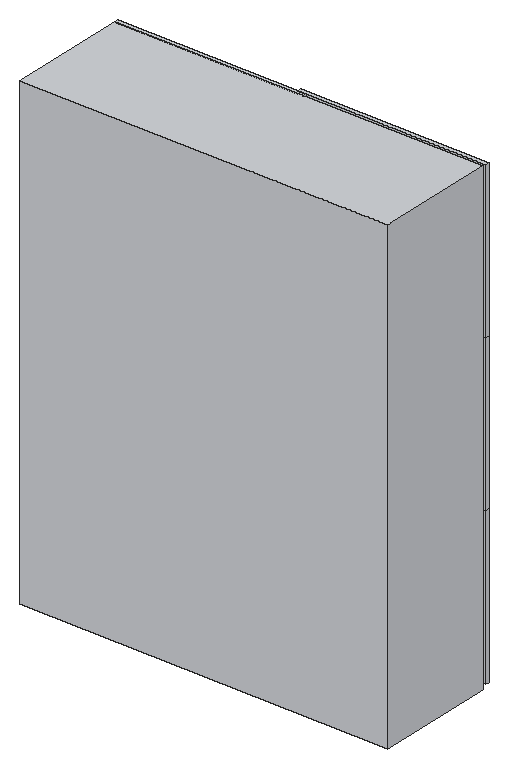
Revit family "Armário - Closet - Duas portas corrediças", category Mobiliário, Revit 2019
Family settings
  Número OmniClass = 23.40.20.00
  Título OmniClass = General Furniture and Specialties
  Com base no plano de trabalho = Não
  Sempre na vertical = Sim
  Corte com vazios quando carregada = Não
  Compartilhado = Não
  Ponto de cálculo do ambiente = Não
Parameters (values of type "Armário - Closet - Duas portas corrediças")
  Largura [instance] = 1800 mm
  Material do closet 2 = none
  Material do closet 1 = none
  Altura [instance] = 2300 mm
  Linear [instance] = 600 mm
Reference planes
  plane 1 "Centro (Frente/Trás)": y = 0
  plane 2: z = 0
  plane 3 "Centro (Esquerda/Direita)": x = 0
  plane 4: z = 2300
  plane 5: z = 18
  plane 6: y = 582
  plane 7: y = 600
  plane 8: x = -900
  plane 9: x = 900
  plane 10: y = 618
  plane 11: z = 1533.333
  plane 12: z = 766.667
  plane 13: z = 1539.333
  plane 14: z = 778.667
  plane 15: x = -20
  plane 16: x = 20
Forms (mm)
  Extrusion 1, solid, material <- "Material do closet 1", detail levels medium+fine
    sketch origin (0, 0, 0) x (1, 0, 0) y (0, 1, 0)
      loop
        line (-900, 0) -> (900, 0) -> (900, 582) -> (-900, 582) -> (-900, 0)
    from 0 to 2300
  Extrusion 2, solid, material <- "Material do closet 1", detail levels coarse
    sketch origin (0, 0, 0) x (1, 0, 0) y (0, 1, 0)
      loop
        line (-900, 0) -> (900, 0) -> (900, 600) -> (-900, 600) -> (-900, 0)
    from 0 to 2300
  Extrusion 3, solid, material <- "Material do closet 1", detail levels medium+fine
    sketch origin (0, 0, 0) x (1, 0, 0) y (0, 0, 1)
      loop
        line (900, 2300) -> (-20, 2300) -> (-20, 1539.333) -> (900, 1539.333) -> (900, 2300)
      loop
        line (900, 778.667) -> (-20, 778.667) -> (-20, 18) -> (900, 18) -> (900, 778.667)
    from -618 to -600
  Extrusion 4, solid, material <- "Material do closet 1", detail levels medium+fine
    sketch origin (0, 0, 0) x (1, 0, 0) y (0, 0, 1)
      loop
        line (20, 2300) -> (-900, 2300) -> (-900, 1539.333) -> (20, 1539.333) -> (20, 2300)
      loop
        line (20, 778.667) -> (-900, 778.667) -> (-900, 18) -> (20, 18) -> (20, 778.667)
    from -600 to -582
  Extrusion 5, solid, material <- "Material do closet 2", detail levels medium+fine
    sketch origin (0, 0, 0) x (1, 0, 0) y (0, 0, 1)
      loop
        line (900, 1539.333) -> (-20, 1539.333) -> (-20, 778.667) -> (900, 778.667) -> (900, 1539.333)
    from -618 to -600
  Extrusion 6, solid, material <- "Material do closet 2", detail levels medium+fine
    sketch origin (0, 0, 0) x (1, 0, 0) y (0, 0, 1)
      loop
        line (-20, 1539.333) -> (-900, 1539.333) -> (-900, 778.667) -> (-20, 778.667) -> (-20, 1539.333)
    from -600 to -582
Lines and regions (mm)
  Masking region 1, detail levels coarse
    outline origin (0, 0, 0) x (0, 1, 0) y (0, 0, 1)
      loop
        line (-618, 2300) -> (-618, 0) -> (0, 0) -> (0, 2300) -> (-618, 2300)
  Masking region 2
    outline origin (0, 0, 0) x (1, 0, 0) y (0, 1, 0)
      loop
        line (-900, 0) -> (900, 0) -> (900, 600) -> (-900, 600) -> (-900, 0)
  Split face 1
    outline origin (900, 600, 0) x (-1, 0, 0) y (0, 0, 1)
      loop
        line (900, 0) -> (900, 2300)
  Split face 2
    outline origin (900, 600, 0) x (-1, 0, 0) y (0, 0, 1)
      loop
        line (900, 1533.333) -> (1800, 1533.333)
      loop
        line (900, 766.667) -> (1800, 766.667)
  Split face 3
    outline origin (900, 600, 0) x (-1, 0, 0) y (0, 0, 1)
      loop
        line (0, 1533.333) -> (900, 1533.333)
      loop
        line (900, 766.667) -> (0, 766.667)
  Masking region 3, detail levels medium+fine
    outline origin (0, 0, 0) x (1, 0, 0) y (0, 1, 0)
      loop
        line (-900, 618) -> (-900, 600) -> (900, 600) -> (900, 618) -> (-900, 618)
  symbolic lines
    curve 1: line (-900, 0, 0) -> (900, 0, 0)
    curve 2: line (900, 0, 0) -> (900, 600, 0)
    curve 4: line (-900, 600, 0) -> (-900, 0, 0)
  symbolic lines, style "FurnitureHiddenLines", detail levels medium+fine
    curve 3: line (-900, 582, 0) -> (0, 582, 0)
    curve 10: line (0, 618, 0) -> (0, 600, 0)
    curve 14: line (-900, 600, 0) -> (900, 600, 0)
  symbolic lines, detail levels coarse
    curve 5: line (-900, 600, 0) -> (900, 600, 0)
    curve 6: line (-900, 0, 0) -> (900, 600, 0)
    curve 7: line (900, 0, 0) -> (-900, 600, 0)
  symbolic lines, detail levels medium+fine
    curve 8: line (-900, 0, 0) -> (900, 582, 0)
    curve 9: line (900, 0, 0) -> (-900, 582, 0)
    curve 11: line (-900, 618, 0) -> (900, 618, 0)
    curve 12: line (900, 618, 0) -> (900, 600, 0)
    curve 13: line (-900, 600, 0) -> (-900, 618, 0)
    curve 15: line (20, 600, 0) -> (20, 582, 0)
Dimensions and locks
  "Altura": plane 4 to plane 2
  locked: plane 5 to plane 2 at 18
  equal spacing: plane 8, plane 3 "Centro (Esquerda/Direita)", plane 9
  "Largura": plane 8 to plane 9
  locked: plane 6 to plane 7 at 18
  "Linear": plane 1 "Centro (Frente/Trás)" to plane 7
  equal spacing: plane 2, plane 12, plane 11, plane 4
  equal spacing: plane 5, plane 14, plane 13, plane 4
  locked: plane 10 to plane 7 at 18
  plane 15 to plane 3 "Centro (Esquerda/Direita)" to plane 16 = 20 mm locked, 20 mm locked
  aligned and locked: level to plane 2
  aligned and locked: plane 1 "Centro (Frente/Trás)" to Extrusion 1 sketch curve
  aligned and locked: plane 8 to Extrusion 1 sketch curve
  aligned and locked: Extrusion 1 sketch curve to plane 6
  aligned and locked: Extrusion 1 sketch curve to plane 9
  aligned and locked: curve 1 to Extrusion 1
  aligned and locked: Masking region 2 sketch curve to Extrusion 1
  aligned and locked: Masking region 2 sketch curve to curve 2
  aligned and locked: curve 3 to Extrusion 1
  aligned and locked: curve 5 to Masking region 2
  aligned and locked: Extrusion 2 sketch curve to Extrusion 1
  aligned and locked: Extrusion 2 sketch curve to Masking region 2  (x2)
  aligned and locked: Extrusion 2 sketch curve to plane 9
  aligned and locked: plane 3 "Centro (Esquerda/Direita)" to Split face 1 sketch curve
  aligned and locked: curve 6 to plane 7
  aligned and locked: curve 8 to plane 6
  aligned and locked: plane 1 "Centro (Frente/Trás)" to curve 9
  aligned and locked: curve 9 to plane 9
  aligned and locked: curve 8 to plane 8
  aligned and locked: Split face 2 sketch curve to plane 11
  aligned and locked: Split face 2 sketch curve to plane 12
  aligned and locked: Split face 3 sketch curve to plane 11
  aligned and locked: plane 12 to Split face 3 sketch curve
  aligned and locked: plane 4 to Extrusion 1
  aligned and locked: plane 4 to Extrusion 2
  aligned and locked: Extrusion 2 to plane 2
  aligned and locked: Extrusion 1 to plane 2
  aligned and locked: plane 4 to Extrusion 3 sketch curve
  aligned and locked: plane 9 to Extrusion 3 sketch curve  (x2)
  aligned and locked: Extrusion 3 sketch curve to plane 13
  aligned and locked: plane 14 to Extrusion 3 sketch curve
  aligned and locked: Extrusion 3 sketch curve to plane 5
  aligned and locked: plane 10 to Extrusion 3
  aligned and locked: plane 7 to Extrusion 3
  aligned and locked: Extrusion 4 sketch curve to plane 13
  aligned and locked: Extrusion 4 sketch curve to plane 8  (x2)
  aligned and locked: Extrusion 4 sketch curve to plane 5
  aligned and locked: Extrusion 4 to plane 7
  aligned and locked: plane 6 to Extrusion 4
  aligned and locked: plane 10 to Extrusion 5
  aligned and locked: plane 7 to Extrusion 5
  aligned and locked: Extrusion 6 sketch curve to Extrusion 4  (x3)
  aligned and locked: Extrusion 6 to plane 7
  aligned and locked: plane 6 to Extrusion 6
  aligned and locked: Masking region 3 sketch curve to Masking region 2  (x2)
  aligned and locked: curve 10 to plane 3 "Centro (Esquerda/Direita)"
  aligned and locked: curve 11 to plane 10
  aligned and locked: curve 12 to plane 9
  aligned and locked: plane 8 to Masking region 3 sketch curve
  aligned and locked: plane 8 to curve 14
  aligned and locked: plane 9 to curve 14
  aligned and locked: plane 7 to curve 14
  aligned and locked: Extrusion 3 sketch curve to plane 15  (x2)
  aligned and locked: plane 16 to Extrusion 4 sketch curve  (x2)
  aligned and locked: Extrusion 5 to plane 15
  aligned and locked: plane 16 to Extrusion 4
Automatic sketch dimensions
  Masking region 1 sketch curve to level = 0 mm
  Masking region 1 sketch curve to plane 4 = 0 mm
  Masking region 1 sketch curve to plane 1 "Centro (Frente/Trás)" = 0 mm
  plane 1 "Centro (Frente/Trás)" to Masking region 1 sketch curve = 618 mm
  plane 7 to Masking region 2 sketch curve = 0 mm
  Split face 1 sketch curve to Extrusion 2 = 0 mm  (x2)
  Extrusion 2 to Split face 2 sketch curve = 0 mm  (x2)
  Split face 2 sketch curve to Split face 2 sketch curve = 900 mm
  Split face 2 sketch curve to Split face 2 sketch curve = 0 mm
  Split face 3 sketch curve to Extrusion 2 = 0 mm  (x2)
  Split face 3 sketch curve to Extrusion 2 = 900 mm
  Split face 3 sketch curve to Split face 3 sketch curve = 0 mm
  Masking region 2 sketch curve to plane 8 = 0 mm
  Extrusion 4 sketch curve to plane 14 = 0 mm
  Extrusion 4 sketch curve to plane 4 = 0 mm
  Extrusion 5 sketch curve to plane 3 "Centro (Esquerda/Direita)" = 20 mm
  Extrusion 5 sketch curve to plane 9 = 0 mm
  Extrusion 5 sketch curve to plane 14 = 0 mm
  Extrusion 5 sketch curve to plane 13 = 0 mm
  Extrusion 6 sketch curve to plane 15 = 0 mm
  Masking region 3 sketch curve to plane 10 = 0 mm
  curve 3 to plane 3 "Centro (Esquerda/Direita)" = 0 mm
  plane 6 to curve 15 = 0 mm
  curve 15 to plane 16 = 0 mm
